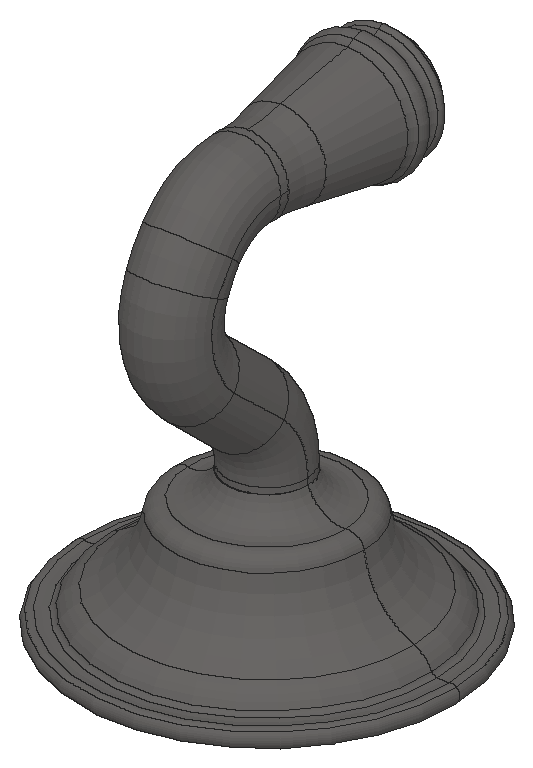
Revit family "Accessory-Robe_Hook-KOHLER-Eclectic-K-26500", category Specialty Equipment, host Face, Revit 2021
Family settings
  Host = Face
  Round Connector Dimension = Use Diameter
  Part Type = Normal
  OmniClass Number = 23.31.25.27
  OmniClass Title = Robe Hooks
  Cut with Voids When Loaded = No
  Shared = No
  Room Calculation Point = No
Parameters (values of type "2BZ-Oil Rubbed Bronze")
  Width = 2.91339"  # constant formula
  WaterSense Certified = 1 = 0  # no
  URL = "https://www.us.kohler.com/us/"
  Type = 1
  Product Page URL = "http://www.us.kohler.com/us/catalog/productDetails.jsp?productId=26500"
  Product Name = "Eclectic"  # constant formula
  Product Documentation Link = "https://www.us.kohler.com/webassets/kpna/catalog/pdf/en/K-26500_spec_US-CA_Kohler_en.pdf"
  Model = if(Type = 1, "K-26500-2BZ", if(Type = 2, "K-26500-BN", if(Type = 3, "K-26500-CP", if(Type = 4, "K-26500-2MB", "NA"))))  # "K-26500-2BZ"
  Material = "Premium Metal Construction"  # constant formula
  Master Format 2014 Name = "Toilet, Bath, and Laundry Accessories"  # constant formula
  Master Format 2014 = "10 28 00"  # constant formula
  Manufacturer Address = "444 Highland Dr, Kohler, WI 53044"  # constant formula
  Manufacturer = "Kohler Co."  # constant formula
  Length = 2 79/256"  # constant formula
  Height = 2 5/16"  # constant formula
  Finish = Kohler-Metal-2BZ-Oil_Rubbed_Bronze
  Environmental Product Declaration = ""
  Description = "Robe hook"  # constant formula
  Default Elevation = 42"
  Declare Label = ""
  Date Modified = "01/02/2023"  # constant formula
  Date Created = "01/02/2023"  # constant formula
  Copyright = "Copyright Kohler Co."  # constant formula
  Contact Us = "https://www.us.kohler.com/us/static/contact.jsp"
  Assembly Code = "C1030200"
  ADA Compliant = 1 = 0  # no
Types (5): name | Type | Model | Finish
  (no name) | 1 | "K-26500-2BZ" | Kohler-Metal-2BZ-Oil_Rubbed_Bronze
  2BZ-Oil Rubbed Bronze | 1 | "K-26500-2BZ" | Kohler-Metal-2BZ-Oil_Rubbed_Bronze
  BN-Vibrant Brushed Nickel | 2 | "K-26500-BN" | Kohler-Metal-BN-Vibrant_Brushed_Nickel
  CP-Polished Chrome | 3 | "K-26500-CP" | Kohler-Metal-CP-Polished_Chrome
  2MB-Vibrant Brushed Moderne Brass | 4 | "K-26500-2MB" | Kohler-Metal-2MB-Vibrant_Brushed_Moderne_Brass
Reference planes (in)
  plane 1 "Center (Front/Back)": y = 0
  plane 2: z = 0
  plane 3 "Center (Left/Right)": x = 0
  plane 4: x = 1.15512
  plane 5: x = -1.15348
  plane 6: y = 1.15551
  plane 7: x = -0.24364
  plane 8: x = 0.24326
  plane 9: z = 0.90912
  plane 10: z = 2.12205
  plane 11: z = 2.51772
  plane 12: z = 2.91339
  plane 13: y = -1.15699
  plane 14: y = 1.01507
Dimensions and locks (in)
  "Length": plane 5 to plane 4
  plane 10 to plane 12 = 0.79134"
  "Width": level to plane 12
  level to plane 9 = 0.90912"
  "Height": plane 6 to plane 13
  aligned and locked: plane 2 to host face
  aligned and locked: level to host face
  aligned and locked: plane 1 "Center (Front/Back)" to nested 1
  aligned and locked: plane 3 "Center (Left/Right)" to nested 1
Automatic sketch dimensions
  host sketch curve to host sketch curve = 96"  (x2)
Nested families (in)
  nested 1: "K-26500" at (0, 0, 0), type "K-26500"
Definition of nested family "K-26500"
  Parameters (values of type "K-26500")
    Material = none
    Default Elevation = 0"
  Reference planes (in)
    plane 1 "Center (Front/Back)": y = 0
    plane 2: z = 0
    plane 3 "Center (Left/Right)": x = 0
    plane 4: z = 2.91339
    plane 5: z = 2.12205
    plane 6: y = 1.15551
    plane 7: y = -1.15551
    plane 8: x = -1.15512
    plane 9: x = 1.15512
    plane 10: x = -0.24364
    plane 11: x = 0.24326
    plane 12: z = 2.51772
    plane 13: z = 0.90912
    plane 14: y = 1.01507
  Forms (in)
    Revolve 1, solid, material <- "Material", detail levels medium+fine
      sketch origin (0, 0, 0) x (1, 0, 0) y (0, 0, 1)
        loop
          line (0, 0) -> (1.09881, 0)
          arc (1.09881, 0) -> (1.1521, 0.0375) -> (1.13477, 0.10032) r 0.0566
          arc (1.13477, 0.10032) -> (1.11666, 0.10955) -> (1.09634, 0.11033) r 0.0473
          arc (1.09634, 0.11033) -> (1.05802, 0.10678) -> (1.01966, 0.10982) r 0.22466
          arc (1.01966, 0.10982) -> (1.00207, 0.11742) -> (0.99008, 0.13238) r 0.03976
          arc (0.99008, 0.13238) -> (0.94553, 0.19548) -> (0.88141, 0.23854) r 0.21298
          arc (0.88141, 0.23854) -> (0.67671, 0.40023) -> (0.57914, 0.64216) r 0.50837
          arc (0.57914, 0.64216) -> (0.54436, 0.70339) -> (0.47647, 0.7221) r 0.09201
          arc (0.47647, 0.7221) -> (0.3323, 0.75646) -> (0.24604, 0.87697) r 0.21159
          arc (0.24604, 0.87697) -> (0.22284, 0.91024) -> (0.18376, 0.92108) r 0.05986
          line (0.18376, 0.92108) -> (0, 0.92108) -> (0, 0)
        axis (0, 0.92108) -> (0, 0)
      angle from 0 to 360
    Sweep 2, solid, material <- "Material", detail levels medium+fine
      path origin (0, 0, 0) x (0, 1, 0) y (0, 0, 1)
        loop
          line (-0.14446, 2.51772) -> (-0.19945, 2.51772)
          arc (-0.19945, 2.51772) -> (-0.40447, 2.47038) -> (-0.56799, 2.33797) r 0.46769
          arc (-0.56799, 2.33797) -> (-0.62403, 2.25768) -> (-0.67113, 2.17185) r 0.91044
          arc (-0.67113, 2.17185) -> (-0.70656, 1.87269) -> (-0.55103, 1.6147) r 0.46458
          line (-0.55103, 1.6147) -> (-0.18216, 1.30518)
          arc (-0.18216, 1.30518) -> (-0.04778, 1.13005) -> (0, 0.91453) r 0.50996
          line (0, 0.91453) -> (0, 0.54108)
      profile origin (0, 0, 0.72781) x (1, 0, 0) y (0, 1, 0)
        loop
          circle (0, 0) r 0.24499
    Revolve 3, solid, material <- "Material", detail levels medium+fine
      sketch origin (0, 0, 0) x (0, 1, 0) y (0, 0, 1)
        loop
          arc (0.10304, 2.24565) -> (0.35092, 2.18771) -> (0.60347, 2.15578) r 2.45159
          arc (0.60347, 2.15578) -> (0.63034, 2.14983) -> (0.6544, 2.13649) r 0.09579
          arc (0.6544, 2.13649) -> (0.71248, 2.1233) -> (0.7606, 2.15841) r 0.07193
          arc (0.7606, 2.15841) -> (0.79885, 2.18315) -> (0.84094, 2.16572) r 0.04902
          arc (0.84094, 2.16572) -> (0.87663, 2.15608) -> (0.89786, 2.18633) r 0.03219
          arc (0.89786, 2.18633) -> (0.90504, 2.20249) -> (0.92184, 2.20799) r 0.02178
          arc (0.92184, 2.20799) -> (0.94262, 2.21256) -> (0.95661, 2.22859) r 0.03398
          arc (0.95661, 2.22859) -> (1.0003, 2.37023) -> (1.01507, 2.51772) r 0.74418
          line (1.01507, 2.51772) -> (-0.14446, 2.51772) -> (-0.14446, 2.27273)
          arc (-0.14446, 2.27273) -> (-0.01954, 2.2699) -> (0.10304, 2.24565) r 0.72483
        axis (1.01507, 2.51772) -> (-0.14446, 2.51772)
      angle from 0 to 360
    Revolve 4, solid, material <- "Material", detail levels coarse
      sketch origin (0, 0, 0) x (0, 1, 0) y (0, 0, 1)
        loop
          line (0, 0) -> (0, 0.90912) -> (-0.22503, 0.90912)
          arc (-0.22503, 0.90912) -> (-0.24153, 0.90358) -> (-0.25135, 0.8892) r 0.02734
          arc (-0.25135, 0.8892) -> (-0.33421, 0.7724) -> (-0.47225, 0.73426) r 0.21344
          arc (-0.47225, 0.73426) -> (-0.55277, 0.71019) -> (-0.59701, 0.63874) r 0.11835
          arc (-0.59701, 0.63874) -> (-0.70399, 0.40044) -> (-0.9058, 0.23458) r 0.57173
          arc (-0.9058, 0.23458) -> (-0.9369, 0.21407) -> (-0.96192, 0.18647) r 0.14868
          line (-0.96192, 0.18647) -> (-0.99662, 0.13692)
          arc (-0.99662, 0.13692) -> (-1.01182, 0.12332) -> (-1.03148, 0.11788) r 0.04474
          arc (-1.03148, 0.11788) -> (-1.06862, 0.11676) -> (-1.10579, 0.11639) r 1.85563
          arc (-1.10579, 0.11639) -> (-1.16398, 0.05819) -> (-1.10579, 0) r 0.05819
          line (-1.10579, 0) -> (0, 0)
        axis (0, 0.90912) -> (0, 0)
      angle from 0 to 360
    Sweep 5, solid, material <- "Material", detail levels coarse
      path origin (0, 0, 0) x (0, 1, 0) y (0, 0, 1)
        loop
          arc (-0.14446, 2.51772) -> (-0.35407, 2.46505) -> (-0.52927, 2.33853) r 0.57325
          arc (-0.52927, 2.33853) -> (-0.67245, 1.94461) -> (-0.48429, 1.57009) r 0.52927
          line (-0.48429, 1.57009) -> (-0.23569, 1.36149)
          arc (-0.23569, 1.36149) -> (-0.06182, 1.1349) -> (0, 0.85606) r 0.6598
          line (0, 0.85606) -> (0, 0.46236)
      profile origin (0, 0, 0.65921) x (1, 0, 0) y (0, 1, 0)
        loop
          circle (0, 0) r 0.29528
    Revolve 6, solid, material <- "Material", detail levels coarse
      sketch origin (0, 0, 0) x (0, 1, 0) y (0, 0, 1)
        loop
          line (-0.21828, 2.51772) -> (-0.20299, 2.24742)
          arc (-0.20299, 2.24742) -> (0.05279, 2.21394) -> (0.29949, 2.13853) r 1.55144
          arc (0.29949, 2.13853) -> (0.6437, 2.05754) -> (0.99653, 2.08102) r 1.19284
          arc (0.99653, 2.08102) -> (1.06844, 2.12552) -> (1.09656, 2.20528) r 0.12719
          line (1.09656, 2.20528) -> (1.09656, 2.51772) -> (-0.21828, 2.51772)
        axis (1.09656, 2.51772) -> (-0.21828, 2.51772)
      angle from 0 to 360
  Cuts and joins
    joined: Revolve 4, Sweep 5, Revolve 6
    joined: Sweep 2, Revolve 3
  Lines and regions (in)
    Masking region 1
      outline origin (0, 0, 0) x (1, 0, 0) y (0, 1, 0)
        loop
          circle (0, 0) r 1.15551
    Masking region 2
      outline origin (0, 0, 0) x (1, 0, 0) y (0, 0, 1)
        loop
          arc (0.24326, 2.20566) -> (0.37323, 2.64906) -> (-0.00579, 2.91334) r 0.39567
          arc (-0.00579, 2.91334) -> (-0.37511, 2.64359) -> (-0.24326, 2.20566) r 0.39567
          line (-0.24326, 2.20566) -> (-0.24326, 0.93295)
          arc (-0.24326, 0.93295) -> (-0.23446, 0.91366) -> (-0.21413, 0.90766) r 0.02555
          arc (-0.21413, 0.90766) -> (-0.23527, 0.89752) -> (-0.24674, 0.87707) r 0.03886
          arc (-0.24674, 0.87707) -> (-0.27374, 0.81587) -> (-0.32345, 0.77113) r 0.15952
          arc (-0.32345, 0.77113) -> (-0.36508, 0.75) -> (-0.40867, 0.73328) r 0.45097
          arc (-0.40867, 0.73328) -> (-0.446, 0.72462) -> (-0.48426, 0.72252) r 0.22162
          arc (-0.48426, 0.72252) -> (-0.54234, 0.70385) -> (-0.57548, 0.65264) r 0.09076
          arc (-0.57548, 0.65264) -> (-0.6195, 0.51994) -> (-0.68626, 0.3971) r 0.78868
          arc (-0.68626, 0.3971) -> (-0.74066, 0.33056) -> (-0.80704, 0.27599) r 0.43584
          arc (-0.80704, 0.27599) -> (-0.84597, 0.25281) -> (-0.88708, 0.23379) r 0.43584
          arc (-0.88708, 0.23379) -> (-0.92164, 0.21383) -> (-0.94918, 0.18494) r 0.14037
          line (-0.94918, 0.18494) -> (-1.00211, 0.11064) -> (-1.10027, 0.11064)
          arc (-1.10027, 0.11064) -> (-1.15562, 0.05673) -> (-1.10317, 0) r 0.05536
          line (-1.10317, 0) -> (0.12003, 0) -> (1.10317, 0)
          arc (1.10317, 0) -> (1.15562, 0.05673) -> (1.10027, 0.11064) r 0.05536
          line (1.10027, 0.11064) -> (1.00211, 0.11064) -> (0.94918, 0.18494)
          arc (0.94918, 0.18494) -> (0.92164, 0.21383) -> (0.88708, 0.23379) r 0.14037
          arc (0.88708, 0.23379) -> (0.84597, 0.25281) -> (0.80704, 0.27599) r 0.43584
          arc (0.80704, 0.27599) -> (0.74066, 0.33056) -> (0.68626, 0.3971) r 0.43584
          arc (0.68626, 0.3971) -> (0.6195, 0.51994) -> (0.57548, 0.65264) r 0.78868
          arc (0.57548, 0.65264) -> (0.54234, 0.70385) -> (0.48426, 0.72252) r 0.09076
          arc (0.48426, 0.72252) -> (0.446, 0.72462) -> (0.40867, 0.73328) r 0.22162
          arc (0.40867, 0.73328) -> (0.36508, 0.75) -> (0.32345, 0.77113) r 0.45097
          arc (0.32345, 0.77113) -> (0.27374, 0.81587) -> (0.24674, 0.87707) r 0.15952
          arc (0.24674, 0.87707) -> (0.23527, 0.89752) -> (0.21413, 0.90766) r 0.03886
          arc (0.21413, 0.90766) -> (0.23446, 0.91366) -> (0.24326, 0.93295) r 0.02555
          line (0.24326, 0.93295) -> (0.24326, 2.20566)
    Masking region 3
      outline origin (0, 0, 0) x (0, 1, 0) y (0, 0, 1)
        loop
          arc (1.11048, 0) -> (1.15449, 0.06106) -> (1.09849, 0.11135) r 0.05632
          line (1.09849, 0.11135) -> (1.00298, 0.11135)
          arc (1.00298, 0.11135) -> (0.97976, 0.15175) -> (0.95125, 0.18861) r 0.34087
          arc (0.95125, 0.18861) -> (0.9162, 0.21871) -> (0.87528, 0.24015) r 0.20411
          arc (0.87528, 0.24015) -> (0.83027, 0.26177) -> (0.78917, 0.29015) r 0.31915
          arc (0.78917, 0.29015) -> (0.65223, 0.44883) -> (0.57846, 0.64502) r 0.59797
          arc (0.57846, 0.64502) -> (0.54198, 0.70443) -> (0.47509, 0.72409) r 0.0971
          arc (0.47509, 0.72409) -> (0.33312, 0.76204) -> (0.24723, 0.88128) r 0.21868
          arc (0.24723, 0.88128) -> (0.23437, 0.90063) -> (0.21274, 0.90912) r 0.03868
          arc (0.21274, 0.90912) -> (0.2323, 0.91537) -> (0.24223, 0.93334) r 0.02781
          arc (0.24223, 0.93334) -> (0.20587, 1.23567) -> (0.0306, 1.48467) r 0.62318
          arc (0.0306, 1.48467) -> (-0.04566, 1.54195) -> (-0.12884, 1.58862) r 0.71828
          arc (-0.12884, 1.58862) -> (-0.24607, 1.65566) -> (-0.35202, 1.73939) r 0.90573
          arc (-0.35202, 1.73939) -> (-0.43448, 1.84337) -> (-0.45858, 1.97388) r 0.27471
          arc (-0.45858, 1.97388) -> (-0.4389, 2.06585) -> (-0.39303, 2.14795) r 0.31597
          arc (-0.39303, 2.14795) -> (-0.29987, 2.22888) -> (-0.18283, 2.26797) r 0.31597
          arc (-0.18283, 2.26797) -> (-0.03875, 2.27141) -> (0.10304, 2.24565) r 0.70886
          arc (0.10304, 2.24565) -> (0.3563, 2.18675) -> (0.61438, 2.155) r 2.45159
          arc (0.61438, 2.155) -> (0.63353, 2.15044) -> (0.65019, 2.13995) r 0.06023
          arc (0.65019, 2.13995) -> (0.70981, 2.1228) -> (0.7606, 2.15841) r 0.07193
          arc (0.7606, 2.15841) -> (0.79925, 2.18318) -> (0.84145, 2.16511) r 0.04902
          arc (0.84145, 2.16511) -> (0.87707, 2.15524) -> (0.89786, 2.1858) r 0.03173
          arc (0.89786, 2.1858) -> (0.9042, 2.20169) -> (0.92007, 2.2081) r 0.02178
          arc (0.92007, 2.2081) -> (0.93704, 2.2117) -> (0.95066, 2.22246) r 0.03814
          arc (0.95066, 2.22246) -> (0.96831, 2.24967) -> (0.98035, 2.27979) r 0.16644
          arc (0.98035, 2.27979) -> (1.01428, 2.51698) -> (0.98107, 2.75428) r 0.85513
          arc (0.98107, 2.75428) -> (0.96955, 2.78243) -> (0.9522, 2.80742) r 0.13978
          arc (0.9522, 2.80742) -> (0.93679, 2.81973) -> (0.91802, 2.82578) r 0.05472
          arc (0.91802, 2.82578) -> (0.90285, 2.83368) -> (0.89634, 2.84949) r 0.02494
          arc (0.89634, 2.84949) -> (0.87455, 2.87754) -> (0.84095, 2.86604) r 0.03056
          arc (0.84095, 2.86604) -> (0.80203, 2.8473) -> (0.76528, 2.86998) r 0.04497
          arc (0.76528, 2.86998) -> (0.71334, 2.90675) -> (0.65184, 2.89041) r 0.07504
          arc (0.65184, 2.89041) -> (0.63509, 2.88038) -> (0.61606, 2.87605) r 0.06202
          arc (0.61606, 2.87605) -> (0.47244, 2.86136) -> (0.33027, 2.8363) r 1.99118
          arc (0.33027, 2.8363) -> (0.23241, 2.81612) -> (0.13427, 2.79737) r 6.83885
          arc (0.13427, 2.79737) -> (-0.04248, 2.7699) -> (-0.22047, 2.7521) r 3.27834
          arc (-0.22047, 2.7521) -> (-0.88288, 2.2737) -> (-0.75193, 1.46716) r 0.77766
          arc (-0.75193, 1.46716) -> (-0.54963, 1.27796) -> (-0.31241, 1.13497) r 1.32449
          arc (-0.31241, 1.13497) -> (-0.26161, 1.09033) -> (-0.2427, 1.02539) r 0.12098
          line (-0.2427, 1.02539) -> (-0.2427, 0.93283)
          arc (-0.2427, 0.93283) -> (-0.23316, 0.9129) -> (-0.21166, 0.90783) r 0.02559
          arc (-0.21166, 0.90783) -> (-0.23272, 0.89989) -> (-0.24499, 0.88102) r 0.03613
          arc (-0.24499, 0.88102) -> (-0.32956, 0.76016) -> (-0.47214, 0.72233) r 0.21485
          arc (-0.47214, 0.72233) -> (-0.54859, 0.69992) -> (-0.58912, 0.63133) r 0.10847
          arc (-0.58912, 0.63133) -> (-0.63819, 0.47468) -> (-0.73029, 0.33879) r 0.56414
          arc (-0.73029, 0.33879) -> (-0.80481, 0.27461) -> (-0.89228, 0.22967) r 0.41696
          arc (-0.89228, 0.22967) -> (-0.92724, 0.21005) -> (-0.95452, 0.18068) r 0.12961
          line (-0.95452, 0.18068) -> (-1.00104, 0.11171) -> (-1.10337, 0.11171)
          arc (-1.10337, 0.11171) -> (-1.15401, 0.05334) -> (-1.0981, 0) r 0.05598
          line (-1.0981, 0) -> (1.11048, 0)
    symbolic lines, detail levels medium+fine
      curve 1: circle (0, 0, 0) r 1.13727 normal (0, 0, 1)
      curve 2: circle (0, 0, 0) r 1.11494 normal (0, 0, 1)
      curve 3: arc (0, 1.01507, 0) -> (-0.10663, 1.00781, 0) -> (-0.21145, 0.98696, 0) r 0.83295
      curve 4: arc (-0.21145, 0.98696, 0) -> (-0.24342, 0.97712, 0) -> (-0.27454, 0.96486, 0) r 0.43825
      curve 5: arc (-0.27454, 0.96486, 0) -> (-0.29642, 0.94842, 0) -> (-0.30865, 0.92394, 0) r 0.05966
      curve 6: arc (-0.30865, 0.92394, 0) -> (-0.31797, 0.90653, 0) -> (-0.33471, 0.89606, 0) r 0.03841
      curve 7: arc (-0.33471, 0.89606, 0) -> (-0.35786, 0.8696, 0) -> (-0.34459, 0.83704, 0) r 0.03348
      curve 8: arc (-0.34459, 0.83704, 0) -> (-0.33701, 0.82924, 0) -> (-0.33244, 0.81938, 0) r 0.03238
      curve 9: arc (-0.33244, 0.81938, 0) -> (-0.33016, 0.80184, 0) -> (-0.33267, 0.78433, 0) r 0.06537
      curve 10: arc (-0.33267, 0.78433, 0) -> (-0.3387, 0.77279, 0) -> (-0.34881, 0.7646, 0) r 0.03212
      curve 11: arc (-0.34881, 0.7646, 0) -> (-0.38933, 0.71276, 0) -> (-0.37644, 0.64824, 0) r 0.07885
      curve 12: arc (-0.3584, 0.61026, 0) -> (-0.3503, 0.56819, 0) -> (-0.33869, 0.52695, 0) r 0.50879
      curve 13: arc (-0.33869, 0.52695, 0) -> (-0.27781, 0.29728, 0) -> (-0.24364, 0.06214, 0) r 2.07066
      curve 14: line (-0.24364, 0.06214, 0) -> (-0.24364, -0.7192, 0)
      curve 15: arc (-0.24364, -0.7192, 0) -> (-0.17227, -0.89142, 0) -> (0, -0.96268, 0) r 0.24348
      curve 16: arc (-0.37644, 0.64824, 0) -> (-0.36566, 0.63008, 0) -> (-0.3584, 0.61026, 0) r 0.11473
      curve 17: arc (0, 1.01507, 0) -> (0.10663, 1.00781, 0) -> (0.21145, 0.98696, 0) r 0.83295
      curve 18: arc (0.21145, 0.98696, 0) -> (0.24342, 0.97712, 0) -> (0.27454, 0.96486, 0) r 0.43825
      curve 19: arc (0.27454, 0.96486, 0) -> (0.29642, 0.94842, 0) -> (0.30865, 0.92394, 0) r 0.05966
      curve 20: arc (0.30865, 0.92394, 0) -> (0.31797, 0.90653, 0) -> (0.33471, 0.89606, 0) r 0.03841
      curve 21: arc (0.33471, 0.89606, 0) -> (0.35786, 0.8696, 0) -> (0.34459, 0.83704, 0) r 0.03348
      curve 22: arc (0.33244, 0.81938, 0) -> (0.33016, 0.80184, 0) -> (0.33267, 0.78433, 0) r 0.06537
      curve 23: arc (0.34881, 0.7646, 0) -> (0.38933, 0.71276, 0) -> (0.37644, 0.64824, 0) r 0.07885
      curve 24: arc (0.3584, 0.61026, 0) -> (0.3503, 0.56819, 0) -> (0.33869, 0.52695, 0) r 0.50879
      curve 25: arc (0.33869, 0.52695, 0) -> (0.27781, 0.29728, 0) -> (0.24364, 0.06214, 0) r 2.07066
      curve 26: line (0.24364, 0.06214, 0) -> (0.24364, -0.7192, 0)
      curve 27: arc (0.24364, -0.7192, 0) -> (0.17227, -0.89142, 0) -> (0, -0.96268, 0) r 0.24348
      curve 28: arc (0.37644, 0.64824, 0) -> (0.36566, 0.63008, 0) -> (0.3584, 0.61026, 0) r 0.11473
      curve 29: arc (0.34459, 0.83704, 0) -> (0.33701, 0.82924, 0) -> (0.33244, 0.81938, 0) r 0.03238
      curve 30: arc (0.33267, 0.78433, 0) -> (0.3387, 0.77279, 0) -> (0.34881, 0.7646, 0) r 0.03212
      curve 31: arc (-0.33772, 0.83317, 0) -> (-0.89536, -0.08097, 0) -> (-0.18278, -0.88023, 0) r 0.89901
      curve 32: arc (0.18278, -0.88023, 0) -> (0.89536, -0.08097, 0) -> (0.33772, 0.83317, 0) r 0.89901
      curve 33: line (-0.30865, 0.92394, 0) -> (0.30865, 0.92394, 0)
      curve 34: line (-0.33471, 0.89606, 0) -> (0.33471, 0.89606, 0)
      curve 35: line (-0.33772, 0.83317, 0) -> (0.33772, 0.83317, 0)
      curve 36: line (-0.34881, 0.7646, 0) -> (0.34881, 0.7646, 0)
      curve 37: line (-0.37644, 0.64824, 0) -> (0.37644, 0.64824, 0)
      curve 38: line (-0.24364, 0.06214, 0) -> (0.24364, 0.06214, 0)
      curve 39: arc (-0.05863, -0.97448, 0) -> (-0.03086, -0.9889, 0) -> (0, -0.99408, 0) r 0.10054
      curve 40: arc (-0.07204, -0.95182, 0) -> (-0.06764, -0.96451, 0) -> (-0.05863, -0.97448, 0) r 0.03369
      curve 41: arc (0.05863, -0.97448, 0) -> (0.03086, -0.9889, 0) -> (0, -0.99408, 0) r 0.10054
      curve 42: arc (0.07204, -0.95182, 0) -> (0.06764, -0.96451, 0) -> (0.05863, -0.97448, 0) r 0.03369
      curve 43: arc (-0.21145, 0.98696, 0) -> (0, -1.00936, 0) -> (0.21145, 0.98696, 0) r 1.00936
      curve 44: arc (-0.27474, 0.28199, 0) -> (-0.39316, -0.02068, 0) -> (-0.24364, -0.30926, 0) r 0.3937
      curve 45: arc (-0.30553, 0.41516, 0) -> (-0.51416, -0.0366, 0) -> (-0.24364, -0.45425, 0) r 0.51547
      curve 46: arc (-0.29409, 0.37018, 0) -> (-0.47178, -0.0307, 0) -> (-0.24364, -0.40517, 0) r 0.47278
      curve 47: arc (0.24364, -0.30926, 0) -> (0.39316, -0.02068, 0) -> (0.27474, 0.28199, 0) r 0.3937
      curve 48: arc (0.24364, -0.40517, 0) -> (0.47178, -0.0307, 0) -> (0.29409, 0.37018, 0) r 0.47278
      curve 49: arc (0.24364, -0.45425, 0) -> (0.51416, -0.0366, 0) -> (0.30553, 0.41516, 0) r 0.51547
      curve 50: arc (-0.37109, 0, 2.38044) -> (-0.0378, 0, 2.12386) -> (0.33821, 0, 2.31236) r 0.39567
      curve 51: line (-0.21413, 0, 0.90766) -> (0.21413, 0, 0.90766)
      curve 52: line (-0.24326, 0, 0.93295) -> (0.24326, 0, 0.93295)
      curve 53: line (-0.446, 0, 0.72462) -> (0.446, 0, 0.72462)
      curve 54: line (-0.57548, 0, 0.65264) -> (0.57548, 0, 0.65264)
      curve 55: line (-0.80704, 0, 0.27599) -> (0.80704, 0, 0.27599)
      curve 56: line (-1.00211, 0, 0.11064) -> (1.00211, 0, 0.11064)
      curve 57: circle (0, 0, 2.51772) r 0.3632 normal (0, -1, 0)
      curve 58: circle (0, 0, 2.51772) r 0.32804 normal (0, -1, 0)
      curve 59: circle (0, 0, 2.51772) r 0.29893 normal (0, -1, 0)
      curve 60: line (0, 0.91802, 2.82578) -> (0, 0.91802, 2.20804)
      curve 61: line (0, 0.89786, 2.1858) -> (0, 0.89786, 2.84188)
      curve 62: line (0, 0.84095, 2.86604) -> (0, 0.84095, 2.16572)
      curve 63: line (0, 0.7606, 2.15841) -> (0, 0.7606, 2.87722)
      curve 64: line (0, 0.65184, 2.89041) -> (0, 0.65184, 2.13853)
      curve 65: line (0, 0.21274, 0.90912) -> (0, -0.22675, 0.90912)
      curve 66: line (0, 0.47509, 0.72409) -> (0, -0.41898, 0.72409)
      curve 67: line (0, 0.78917, 0.29015) -> (0, -0.78326, 0.29015)
      curve 68: line (0, 1.00298, 0.11135) -> (0, -1.08056, 0.11135)
      curve 69: line (0, -0.03875, 2.27141) -> (0, -0.03875, 2.77037)
      curve 70: line (0, 0.24223, 0.93334) -> (0, -0.24306, 0.93334)
      curve 71: line (0, 0.57846, 0.64502) -> (0, -0.58711, 0.64502)
  Dimensions and locks (in)
    plane 4 to plane 5 = 0.79134"
    plane 4 to level = 2.91339"
    plane 13 to level = 0.90912"
    aligned and locked: plane 2 to level
